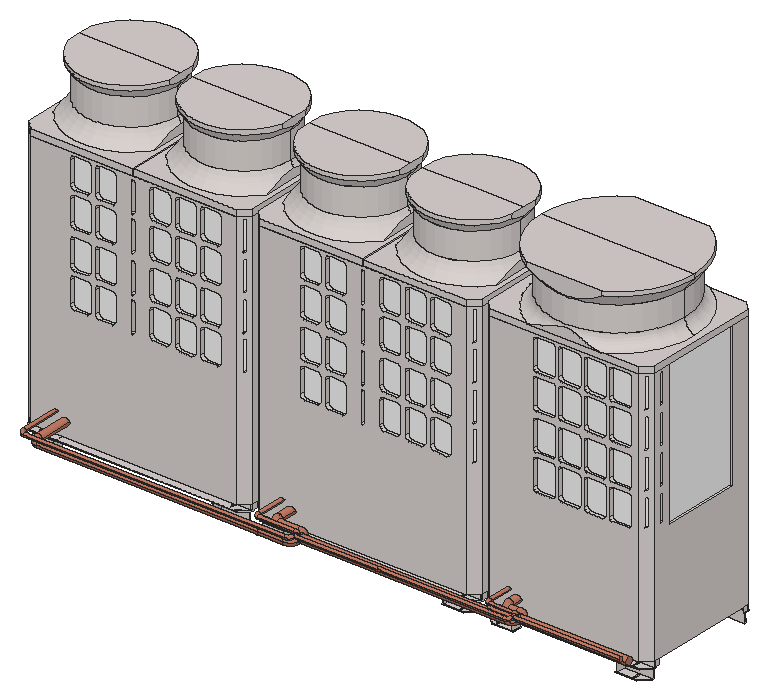
Revit family "PUHY-EP1000YSNW-A", category Mechanical Equipment, Revit 2012 (continued)
Definition of nested family "PUHY-EP350YNW-A"
  Dimensions and locks
    cut or joined group 1 (Extrusion 1, Extrusion 2, Extrusion 3, Extrusion 4, Extrusion 5, Extrusion 6, Extrusion 7, Extrusion 8, Extrusion 9, Extrusion 10, Extrusion 11, Extrusion 12, Extrusion 13, Extrusion 14, Extrusion 15, Extrusion 16, Extrusion 17, Extrusion 18, Extrusion 19, Extrusion 20, Extrusion 21, Extrusion 22, Extrusion 23, Extrusion 24, Extrusion 25, Extrusion 26, Extrusion 27, Extrusion 28, Extrusion 29, Extrusion 30, Extrusion 31, Extrusion 32, Extrusion 33) to plane 3 "Center (Left/Right)" = 620 mm
    Extrusion 1 sketch curve to Extrusion 1 sketch curve = 1240 mm
    cut or joined group 1 to plane 8 = 185 mm
    cut or joined group 1 to plane 7 = 166 mm
    cut or joined group 1 to plane 6 = 110 mm
    cut or joined group 1 to plane 12 to cut or joined group 1 = 805 mm, 621 mm
    plane 5 to plane 2 = 1858 mm  (x2)
    cut or joined group 1 to plane 19 "132" = 132 mm
    cut or joined group 1 to plane 22 = 207 mm
    cut or joined group 1 to plane 23 = 256 mm
    cut or joined group 1 to plane 6 = 60 mm
    cut or joined group 1 to cut or joined group 1 = 42.154 mm
    cut or joined group 1 to cut or joined group 1 = 11.895 mm
    nested 1 to nested 3 to level = 1798 mm, 60 mm
    nested 1 to nested 1 = 303 mm
    nested 1 to nested 3 = 1495 mm
    nested 8 to nested 8 to nested 8 to nested 7 to nested 7 to nested 7 = 54 mm, 20 mm, 592 mm, 20 mm, 54 mm
    nested 3 to nested 3 = 56 mm
    plane 11 to plane 31 to plane 32 to cut or joined group 1 = 90 mm, 1060 mm, 90 mm
    curve 103 to nested 7 = 90 mm
    curve 104 to nested 7 = 125 mm
    curve 101 to nested 7 = 100 mm
    curve 11 to curve 13 to nested 7 = 84 mm, 71 mm
    cut or joined group 1 to curve 12 to curve 14 = 125 mm, 148 mm
    nested 2 to nested 7 = 1495 mm
    curve 87 to cut or joined group 1 = 152 mm
    curve 88 to cut or joined group 1 = 172 mm
    curve 89 to cut or joined group 1 = 216 mm
    cut or joined group 1 to curve 4 to curve 2 = 128 mm, 150 mm
    cut or joined group 1 to curve 1 to curve 3 = 79 mm, 94 mm
    Extrusion 32 sketch curve to nested 7 = 116 mm
    cut or joined group 1 to Extrusion 32 sketch curve = 160 mm
    cut or joined group 1 to Extrusion 33 sketch curve = 243 mm
    Extrusion 33 sketch curve to nested 7 = 116 mm
    cut or joined group 1 to cut or joined group 1 = 740 mm
    plane 30 to plane 4 = 740 mm
    aligned and locked: level to plane 2
    aligned and locked: Extrusion 1 to plane 4
  Nested families
    nested 1: "FAN GUARD" at (-311.5, 2, 860), type "FAN GUARD"
      with WIDTH 870 mm
    nested 2: "FAN GUARD" at (311.5, 2, 860) x (-1, 0, 0) z (0, 0, 1), type "FAN GUARD"
      with WIDTH 870 mm
    nested 3: "ATTACHMENT LEG" at (-524, -349, 0), type "ATTACHMENT LEG"
    nested 4: "ATTACHMENT LEG" at (-524, 349, 0), type "ATTACHMENT LEG"
    nested 5: "ATTACHMENT LEG" at (524, -349, 0) x (-1, 0, 0) z (0, 0, 1), type "ATTACHMENT LEG"
    nested 6: "ATTACHMENT LEG" at (524, 349, 0) x (-1, 0, 0) z (0, 0, 1), type "ATTACHMENT LEG"
    nested 7: "BASE LEG_L_" at (0, -352, 60), type "BASE LEG_L_"
      with Width 1240 mm
    nested 8: "BASE LEG_L_" at (0, 352, 60), type "BASE LEG_L_"
      with Width 1240 mm
  Connectors
    piping at (-460, -191, 176), driven by "Liquid pipe_radius"
      settings: on cut or joined group 1, index 3, connector radius 12.7 mm, flow factor 0, pipe flow 0.0 L/s, pressure drop 0.0 Pa, fitting loss kfactor 0, connector angle 0.00°, fixture units 0, engagement length 0 mm, flow configuration 0, flow direction 0, fitting loss method 0, system type 22, joint type 0, gender type 0, connector reference index -1, connector utility 0, adjustable connector no, is connector primary yes, fitting loss table "", connector description "Refrigerant service valve<Liquid pipe>"
    piping at (-377, -191, 176), driven by "Gas pipe_radius"
      settings: on cut or joined group 1, index 4, connector radius 14.29 mm, flow factor 0, pipe flow 0.0 L/s, pressure drop 0.0 Pa, fitting loss kfactor 0, connector angle 0.00°, fixture units 0, engagement length 0 mm, flow configuration 0, flow direction 0, fitting loss method 0, system type 22, joint type 0, gender type 0, connector reference index -1, connector utility 0, adjustable connector no, is connector primary no, fitting loss table "", connector description "Refrigerant service valve<Gas>"
    electrical at (0, -370, 808)
      settings: on cut or joined group 1, index 5, voltage 0 V, apparent load 0 VA, apparent load phase1 0 VA, apparent load phase2 0 VA, apparent load phase3 0 VA, power factor 1, load classification "HVAC", number of poles 1, system type 30, power factor state 1, is connector primary yes, connector utility no, sub classification motor no, connector description ""
  Definition of nested family "FAN GUARD"
    Parameters (values of type "FAN GUARD")
      WIDTH [instance] = 870 mm
    Reference planes
      plane 1 "中心(正面/背面)": y = -2
      plane 2: z = 0
      plane 3 "ファンガード基準面": z = 661
      plane 4: y = 368
      plane 5: x = 366
      plane 6: x = -375
      plane 7 "ファンガード基準上面": z = 695
      plane 8 "ファンガード上面": z = 998
      plane 9: x = -273.971
      plane 10: x = 308.5
      plane 11: x = -308.5
      plane 12: x = 0
    Forms (mm)
      Extrusion 1, solid, material "Paint_5Y 8/1"
        sketch origin (85, 0, 661) x (-1, 0, 0) y (0, -1, 0)
          loop
            line (343.5, -368) -> (393.5, -318) -> (393.5, 322) -> (343.5, 372) -> (-223.5, 372) -> (-223.5, -368) -> (343.5, -368)
        from 0 to 34
      Revolve 2, solid, material "Paint_5Y 8/1"
        sketch origin (0, -2, 0) x (1, 0, 0) y (0, 0, 1)
          loop
            line (0, 695) -> (0, 998) -> (-290, 998) -> (-290, 972.327) -> (-260, 928.372) -> (-260, 777.384)
            arc (-260, 777.384) -> (-290.651, 730.137) -> (-334.665, 695) r 175.882
            line (-334.665, 695) -> (0, 695)
          axis (0, 998) -> (0, 695)
        angle from 0 to 360
      Extrusion 3, void
        sketch origin (-840, 75, 695) x (-1, 0, 0) y (0, -1, 0)
          loop
            line (-410, -165) -> (-410, 315) -> (-561.253, 315) -> (-561.253, -165) -> (-410, -165)
        from -35 to 430.592
      Extrusion 4, void
        sketch origin (840, 75, 695) x (1, 0, 0) y (0, 1, 0)
          loop
            line (-410, 165) -> (-561.253, 165) -> (-561.253, -315) -> (-410, -315) -> (-410, 165)
        from 0 to 430.592
    Cuts and joins
      Extrusion 3, Extrusion 4 cuts Revolve 2
      Extrusion 4 cuts Extrusion 1
    Lines and regions (mm)
      model lines
        curve 1: line (-278.747, 0, 998) -> (-80, 0, 998)
        curve 2: line (80, 0, 998) -> (278.747, 0, 998)
        curve 3: circle (0, 0, 998) r 80 normal (0, 0, 1)
        curve 4: line (-278.747, -80, 998) -> (278.747, -80, 998)
        curve 5: line (-241.868, -160, 998) -> (241.868, -160, 998)
        curve 6: line (-162.788, -240, 998) -> (162.788, -240, 998)
        curve 7: line (-278.747, 80, 998) -> (278.747, 80, 998)
        curve 8: line (-241.868, 160, 998) -> (240, 160, 998)
        curve 9: line (-160, 240, 998) -> (162.788, 240, 998)
        curve 10: line (0, 290, 998) -> (0, -290, 998)
        curve 11: line (-20, 289.31, 998) -> (-20, -289.31, 998)
        curve 12: line (-40, 287.228, 998) -> (-40, -287.228, 998)
        curve 13: line (-60, 283.725, 998) -> (-60, -283.725, 998)
        curve 14: line (-80, 278.747, 998) -> (-80, -278.747, 998)
        curve 15: line (20, 289.31, 998) -> (20, -289.31, 998)
        curve 16: line (40, 287.228, 998) -> (40, -287.228, 998)
        curve 17: line (60, 283.725, 998) -> (60, -283.725, 998)
        curve 18: line (80, 278.747, 998) -> (80, -278.747, 998)
        curve 19: line (100, 272.213, 998) -> (100, -272.213, 998)
        curve 20: line (120, 264.008, 998) -> (120, -264.008, 998)
        curve 21: line (140, 253.969, 998) -> (140, -253.969, 998)
        curve 22: line (160, 241.868, 998) -> (160, -243.132, 998)
        curve 23: line (180, 227.376, 998) -> (180, -227.624, 998)
        curve 24: line (200, 210, 998) -> (200, -210, 998)
        curve 25: line (220, 188.944, 998) -> (220, -188.944, 998)
        curve 26: line (240, 160, 998) -> (240, -162.788, 998)
        curve 27: line (260, 128.452, 998) -> (260, -128.452, 998)
        curve 28: line (-100, 272.213, 998) -> (-100, -272.213, 998)
        curve 29: line (-120, 264.008, 998) -> (-120, -264.008, 998)
        curve 30: line (-140, 253.969, 998) -> (-140, -253.969, 998)
        curve 31: line (-160, 240, 998) -> (-160, -241.868, 998)
        curve 32: line (-180, 227.376, 998) -> (-180, -227.376, 998)
        curve 33: line (-200, 210, 998) -> (-200, -210, 998)
        curve 34: line (-220, 188.944, 998) -> (-220, -188.944, 998)
        curve 35: line (-240, 162.788, 998) -> (-240, -162.788, 998)
        curve 36: line (-260, 128.452, 998) -> (-260, -128.452, 998)
        curve 37: line (10, 79.373, 998) -> (10, -79.373, 998)
        curve 38: line (-10, 79.373, 998) -> (-10, -79.373, 998)
        curve 39: line (30, 74.162, 998) -> (30, -74.162, 998)
        curve 40: line (50, 62.45, 998) -> (50, -62.45, 998)
        curve 41: line (70, 38.73, 998) -> (70, -38.73, 998)
        curve 42: line (-30, 74.162, 998) -> (-30, -74.162, 998)
        curve 43: line (-50, 62.45, 998) -> (-50, -62.45, 998)
        curve 44: line (-70, 38.73, 998) -> (-70, -38.73, 998)
    Dimensions and locks
      locked: plane 8 "ファンガード上面" to plane 7 "ファンガード基準上面" at 303
      plane 8 "ファンガード上面" to plane 3 "ファンガード基準面" = 337 mm
      Revolve 2 sketch curve to Revolve 2 sketch curve = 290 mm
      Extrusion 1 sketch curve to Extrusion 1 sketch curve = 740 mm
      equal spacing: Extrusion 1 sketch curve, plane 1 "中心(正面/背面)", Extrusion 1 sketch curve
      plane 6 to plane 5 = 741 mm
      Extrusion 1 sketch curve to Extrusion 1 sketch curve = 617 mm
      plane 11 to plane 10 = 617 mm
      cut or joined group of Extrusion 1, Extrusion 4 to cut or joined group of Extrusion 1, Extrusion 4 = 617 mm
      cut or joined group of Extrusion 1, Extrusion 4 to cut or joined group of Extrusion 1, Extrusion 4 = 740 mm
      aligned and locked: level to plane 2
      aligned and locked: plane 7 "ファンガード基準上面" to Extrusion 1
      aligned and locked: plane 3 "ファンガード基準面" to Extrusion 1
      aligned and locked: cut or joined group of Revolve 2, Extrusion 3, Extrusion 4 to plane 8 "ファンガード上面"
  Definition of nested family "ATTACHMENT LEG"
    Parameters (values of type "ATTACHMENT LEG")
      Width = 145 mm
    Reference planes
      plane 1: z = 0
      plane 2 "中心(左/右)": x = -6
      plane 3: x = -52
      plane 4: x = 85
      plane 5: x = 93
      plane 6: y = -21
      plane 7: y = 27
      plane 8: x = -30
      plane 9: y = 39
      plane 10: z = 60
      plane 11: z = 57
      plane 12: z = 3
      plane 13: x = 82
      plane 14: y = 36
      plane 15: x = -75
      plane 16: y = 31
      plane 17 "幅": x = 93
      plane 18: y = 2.5
      plane 19: y = 21
      plane 20: y = -10
    Forms (mm)
      Extrusion 1, solid, material "Paint_5Y 8/1"
        sketch origin (0, -1, 0) x (1, 0, 0) y (0, 1, 0)
          loop
            line (-75, 36) -> (-75, 27) -> (-28, -20) -> (93, -20) -> (93, 32) -> (85, 32) -> (85, 36) -> (-75, 36)
        from 0 to 60
      Extrusion 2, void
        sketch origin (0, -3, 0) x (1, 0, 0) y (0, 0, 1)
          loop
            line (-75, 57) -> (-75, 3) -> (82, 3) -> (82, 57) -> (-75, 57)
          loop
            line (93, 57) -> (85, 57) -> (85, 3) -> (93, 3) -> (93, 57)
        from -35 to 18
      Extrusion 3, void
        sketch origin (-6, 5.5, 0) x (1, 0, 0) y (0, 1, 0)
          loop
            arc (-7, -8.5) -> (0, -15.5) -> (7, -8.5) r 7
            line (7, -8.5) -> (7, 8.5)
            arc (7, 8.5) -> (0, 15.5) -> (-7, 8.5) r 7
            line (-7, 8.5) -> (-7, -8.5)
        from 0 to 60
    Cuts and joins
      Extrusion 2, Extrusion 3 cuts Extrusion 1
    Dimensions and locks
      locked: plane 3 to plane 4 at 137
      locked: plane 3 to plane 5 at 145
      plane 6 to plane 7 = 48 mm
      locked: plane 10 to level at 60
      Extrusion 3 sketch curve to plane 2 "中心(左/右)" = 7 mm
      locked: plane 15 to plane 2 "中心(左/右)" at 69
      locked: plane 15 to plane 8 at 45
      locked: plane 6 to plane 18 at 23.5
      cut or joined group of Extrusion 1, Extrusion 2, Extrusion 3 to cut or joined group of Extrusion 1, Extrusion 2, Extrusion 3 = 168 mm
      cut or joined group of Extrusion 1, Extrusion 2, Extrusion 3 to cut or joined group of Extrusion 1, Extrusion 2, Extrusion 3 = 56 mm  (x2)
      plane 14 to plane 6 = 57 mm
      aligned and locked: level to plane 1
      aligned and locked: Extrusion 1 sketch curve to plane 4
      aligned and locked: Extrusion 1 sketch curve to plane 5
      aligned: plane 8 to Extrusion 1 sketch curve
      aligned and locked: plane 10 to Extrusion 1
      aligned and locked: Extrusion 2 sketch curve to plane 11
      aligned: plane 3 to Extrusion 2 sketch curve
      aligned and locked: plane 12 to Extrusion 2 sketch curve
      aligned and locked: Extrusion 2 sketch curve to plane 13
      aligned and locked: plane 6 to Extrusion 2
      aligned and locked: plane 11 to Extrusion 2 sketch curve
      aligned and locked: plane 5 to Extrusion 2 sketch curve
      aligned and locked: Extrusion 2 sketch curve to plane 12
      aligned and locked: Extrusion 2 sketch curve to plane 4
      aligned and locked: plane 15 to Extrusion 1 sketch curve
      aligned and locked: Extrusion 2 sketch curve to cut or joined group of Extrusion 1, Extrusion 2, Extrusion 3
      aligned and locked: Extrusion 1 to plane 16
  Definition of nested family "BASE LEG_L_"
    Parameters (values of type "BASE LEG_L_")
      Width [instance] = 1240 mm
    Reference planes
      plane 1 "中心(正面/背面)": y = 0
      plane 2: z = 0
      plane 3 "中心(左/右)": x = 0
      plane 4: x = 620
      plane 5: x = -620
      plane 6: x = -530
      plane 7: x = 530
      plane 8: y = -18
      plane 9: y = 39
      plane 10: z = 53
      plane 11: y = 42
      plane 12: y = 27
      plane 13: x = 575
      plane 14: x = -575
      plane 15: z = 8
      plane 16: y = 11.5
      plane 17: z = 35
    Forms (mm)
      Extrusion 1, solid, material "Paint_5Y 8/1"
        sketch origin (0, 0, 0) x (0, 1, 0) y (0, 0, 1)
          loop
            line (-18, 0) -> (36, 0) -> (36, 32) -> (56, 32) -> (56, 35) -> (33, 35) -> (33, 3) -> (-18, 3) -> (-18, 0)
        from -620 to 620
      Extrusion 2, void
        sketch origin (0, 0, 0) x (1, 0, 0) y (0, 1, 0)
          loop
            line (575, -18) -> (620, -18) -> (620, 27) -> (575, -18)
          loop
            line (-575, -18) -> (-620, 27) -> (-620, -18) -> (-575, -18)
        from 0 to 250
      Extrusion 3, void
        sketch origin (0, 12.023, 0) x (1, 0, 0) y (0, 1, 0)
          loop
            arc (523, -2.971) -> (530, -9.971) -> (537, -2.971) r 7
            line (537, -2.971) -> (537, 3.023)
            arc (537, 3.023) -> (530, 10.023) -> (523, 3.023) r 7
            line (523, 3.023) -> (523, -2.971)
          loop
            line (-523, -2.971) -> (-523, 3.023)
            arc (-523, 3.023) -> (-530, 10.023) -> (-537, 3.023) r 7
            line (-537, 3.023) -> (-537, -2.971)
            arc (-537, -2.971) -> (-530, -9.971) -> (-523, -2.971) r 7
        from 0 to 250
      Extrusion 4, solid, material "Paint_5Y 8/1"
        sketch origin (0, 0, -3) x (1, 0, 0) y (0, 0, 1)
          loop
            line (617, 8) -> (620, 8) -> (620, 35) -> (617, 35) -> (617, 8)
          loop
            line (-617, 8) -> (-617, 35) -> (-620, 35) -> (-620, 8) -> (-617, 8)
        from -36 to -56
      Extrusion 5, solid, material "Paint_5Y 8/1"
        sketch origin (150, 352, 0) x (1, 0, 0) y (0, 1, 0)
          loop
            line (460, -319) -> (455, -319) -> (455, -320) -> (405, -370) -> (410, -370) -> (460, -320) -> (460, -319)
        from 3 to 35
      Extrusion 6, void
        sketch origin (560, -18, 0) x (0.707107, 0.707107, 0) y (0, 0, 1)
          loop
            line (70.711, 3) -> (-6.741, 39.767) -> (-6.741, 3) -> (70.711, 3)
        from -190.256 to 23.776
      Extrusion 7, solid, material "Paint_5Y 8/1"
        sketch origin (-150, 352, 0) x (-1, 0, 0) y (0, -1, 0)
          loop
            line (460, 319) -> (460, 320) -> (410, 370) -> (405, 370) -> (455, 320) -> (455, 319) -> (460, 319)
        from 3 to 35
      Extrusion 8, void
        sketch origin (-560, -18, 0) x (0.707107, -0.707107, 0) y (0, 0, -1)
          loop
            line (-70.711, -3) -> (0, -35) -> (6.741, -35) -> (6.741, -3) -> (-70.711, -3)
        from -190.256 to 23.776
    Cuts and joins
      Extrusion 2, Extrusion 3 cuts Extrusion 1
      joined: Extrusion 1, Extrusion 4
      Extrusion 8 cuts Extrusion 7
      Extrusion 6 cuts Extrusion 5
    Dimensions and locks
      "Width": plane 5 to plane 4
      equal spacing: plane 5, plane 3 "中心(左/右)", plane 4
      locked: plane 5 to plane 6 at 90
      locked: plane 7 to plane 4 at 90
      locked: plane 8 to plane 9 at 57
      locked: plane 10 to level at 53
      locked: plane 9 to plane 11 at 3
      plane 8 to plane 12 = 45 mm
      locked: plane 13 to plane 4 at 45
      locked: plane 5 to plane 14 at 45
      equal spacing: Extrusion 3 sketch curve, plane 7, Extrusion 3 sketch curve
      equal spacing: Extrusion 3 sketch curve, plane 6, Extrusion 3 sketch curve
      locked: plane 10 to plane 15 at 45
      locked: cut or joined group of Extrusion 1, Extrusion 2, Extrusion 3, Extrusion 4 to Extrusion 4 sketch curve at 3  (x2)
      locked: plane 8 to plane 16 at 29.5
      plane 8 to plane 11 = 60 mm
      cut or joined group of Extrusion 1, Extrusion 2, Extrusion 3, Extrusion 4 to cut or joined group of Extrusion 1, Extrusion 2, Extrusion 3, Extrusion 4 = 35 mm
      aligned and locked: level to plane 2
      aligned and locked: plane 8 to Extrusion 1 sketch curve
      aligned and locked: plane 4 to Extrusion 1
      aligned and locked: Extrusion 1 to plane 5
      aligned and locked: Extrusion 2 sketch curve to plane 4
      aligned and locked: Extrusion 2 sketch curve to plane 8
      aligned and locked: plane 12 to Extrusion 2 sketch curve
      aligned and locked: plane 13 to Extrusion 2 sketch curve
      aligned and locked: plane 4 to Extrusion 4 sketch curve
      aligned and locked: plane 5 to Extrusion 4 sketch curve
      aligned and locked: cut or joined group of Extrusion 7, Extrusion 8 to cut or joined group of Extrusion 1, Extrusion 2, Extrusion 3, Extrusion 4
    Automatic sketch dimensions
      Extrusion 3 sketch curve to plane 1 "中心(正面/背面)" = 9.052 mm  (x2)
      Extrusion 3 sketch curve to plane 7 = 7 mm
      Extrusion 3 sketch curve to plane 1 "中心(正面/背面)" = 15.046 mm  (x2)
      Extrusion 3 sketch curve to plane 6 = 7 mm
      Extrusion 2 sketch curve to plane 5 = 0 mm
      plane 8 to Extrusion 2 sketch curve = 0 mm
      Extrusion 2 sketch curve to plane 14 = 0 mm
      plane 12 to Extrusion 2 sketch curve = 0 mm
      Extrusion 4 sketch curve to plane 10 = 21 mm
      plane 7 to Extrusion 5 sketch curve = 25 mm
      Extrusion 5 sketch curve to Extrusion 5 sketch curve = 5 mm  (x2)
      plane 7 to Extrusion 5 sketch curve = 75 mm
      plane 8 to Extrusion 5 sketch curve = 0 mm
      Extrusion 5 sketch curve to Extrusion 5 sketch curve = 50 mm
      Extrusion 5 sketch curve to Extrusion 5 sketch curve = 0 mm
      Extrusion 5 sketch curve to Extrusion 5 sketch curve = 1 mm
      Extrusion 6 sketch curve to Extrusion 5 = 0 mm  (x2)
      Extrusion 6 sketch curve to Extrusion 5 = 6.741 mm
      Extrusion 6 sketch curve to Extrusion 5 = 4.767 mm
      plane 6 to Extrusion 7 sketch curve = 25 mm
      Extrusion 7 sketch curve to Extrusion 7 sketch curve = 5 mm  (x2)
      Extrusion 7 sketch curve to Extrusion 7 sketch curve = 45 mm
      Extrusion 7 sketch curve to plane 8 = 0 mm
      Extrusion 7 sketch curve to Extrusion 7 sketch curve = 50 mm
      Extrusion 7 sketch curve to Extrusion 7 sketch curve = 0 mm
      Extrusion 7 sketch curve to Extrusion 7 sketch curve = 1 mm
      Extrusion 8 sketch curve to Extrusion 7 = 0 mm  (x2)
      Extrusion 7 to Extrusion 8 sketch curve = 0 mm  (x2)
      Extrusion 7 to Extrusion 8 sketch curve = 6.741 mm
      Extrusion 4 sketch curve to plane 17 = 3 mm
      Extrusion 4 sketch curve to plane 15 = 3 mm  (x2)
      Extrusion 1 sketch curve to plane 17 = 0 mm
      Extrusion 1 sketch curve to level = 0 mm
      level to Extrusion 1 sketch curve = 3 mm
      plane 9 to Extrusion 1 sketch curve = 6 mm
      plane 9 to Extrusion 1 sketch curve = 3 mm
      Extrusion 1 sketch curve to plane 17 = 3 mm
      Extrusion 1 sketch curve to plane 11 = 14 mm
Definition of nested family "PUHY-EP400YNW-A"
  Parameters (values of type "PUHY-P400YNW-A")
    Model = "PUHY-P400YNW-A"
    URL = "http://www.mitsubishielectric.com/"
    Manufacturer = "Mitsubishi Electric Corporation"
    Liquid pipe_radius = 12.7 mm
    Gas pipe_radius = 14.29 mm
  Reference planes
    plane 1 "Center (Front/Back)": y = 0
    plane 2: z = 0
    plane 3 "Center (Left/Right)": x = 0
    plane 4: y = 370
    plane 5: z = 1858
    plane 6: y = -260
    plane 7: y = -204
    plane 8: y = -185
    plane 9: x = -620
    plane 10: x = 620
    plane 11: x = -620
    plane 12: z = 716
    plane 13: x = -524
    plane 14: z = 669
    plane 15: x = -50.5
    plane 16: x = 51
    plane 17: x = 489
    plane 18: x = 467
    plane 19 "132": x = 488
    plane 20 "100": z = 160
    plane 21: z = 185
    plane 22: x = 413
    plane 23: x = 364
    plane 24: z = 150
    plane 25: x = -287.25
    plane 26: x = -137.25
    plane 27: x = -272.25
    plane 28: y = -278
    plane 29: z = 1509
    plane 30: y = -370
    plane 31: x = -530
    plane 32: x = 530
    plane 33 "179": y = -191
  Forms (mm)
    Extrusion 1, solid, material "Paint_5Y 8/1"
      sketch origin (-1, 0, 113) x (-1, 0, 0) y (0, -1, 0)
        loop
          line (569, -370) -> (619, -320) -> (619, 320) -> (569, 370) -> (-571, 370) -> (-621, 320) -> (-621, -320) -> (-571, -370) -> (569, -370)
      from -18 to 1408
    Extrusion 2, void
      sketch origin (524, -370, 113) x (1, 0, 0) y (0, 0, -1)
        loop
          arc (-60.8, -1393.5) -> (-42.557, -1385.943) -> (-35, -1367.7) r 25.8
          line (-35, -1367.7) -> (-35, -1248.5)
          arc (-35, -1248.5) -> (-42.557, -1230.257) -> (-60.8, -1222.7) r 25.8
          line (-60.8, -1222.7) -> (-126, -1222.7)
          arc (-126, -1222.7) -> (-144.243, -1230.257) -> (-151.8, -1248.5) r 25.8
          line (-151.8, -1248.5) -> (-151.8, -1367.7)
          arc (-151.8, -1367.7) -> (-144.243, -1385.943) -> (-126, -1393.5) r 25.8
          line (-126, -1393.5) -> (-60.8, -1393.5)
      from 0 to 20
    Extrusion 3, void
      sketch origin (524, -370, -81) x (1, 0, 0) y (0, 0, -1)
        loop
          arc (-60.8, -1393.5) -> (-42.557, -1385.943) -> (-35, -1367.7) r 25.8
          line (-35, -1367.7) -> (-35, -1248.5)
          arc (-35, -1248.5) -> (-42.557, -1230.257) -> (-60.8, -1222.7) r 25.8
          line (-60.8, -1222.7) -> (-126, -1222.7)
          arc (-126, -1222.7) -> (-144.243, -1230.257) -> (-151.8, -1248.5) r 25.8
          line (-151.8, -1248.5) -> (-151.8, -1367.7)
          arc (-151.8, -1367.7) -> (-144.243, -1385.943) -> (-126, -1393.5) r 25.8
          line (-126, -1393.5) -> (-60.8, -1393.5)
      from 0 to 20
    Extrusion 4, void
      sketch origin (524, -370, -287) x (1, 0, 0) y (0, 0, -1)
        loop
          arc (-60.8, -1393.5) -> (-42.557, -1385.943) -> (-35, -1367.7) r 25.8
          line (-35, -1367.7) -> (-35, -1248.5)
          arc (-35, -1248.5) -> (-42.557, -1230.257) -> (-60.8, -1222.7) r 25.8
          line (-60.8, -1222.7) -> (-126, -1222.7)
          arc (-126, -1222.7) -> (-144.243, -1230.257) -> (-151.8, -1248.5) r 25.8
          line (-151.8, -1248.5) -> (-151.8, -1367.7)
          arc (-151.8, -1367.7) -> (-144.243, -1385.943) -> (-126, -1393.5) r 25.8
          line (-126, -1393.5) -> (-60.8, -1393.5)
      from 0 to 20
    Extrusion 5, void
      sketch origin (524, -370, -481) x (1, 0, 0) y (0, 0, -1)
        loop
          arc (-60.8, -1393.5) -> (-42.557, -1385.943) -> (-35, -1367.7) r 25.8
          line (-35, -1367.7) -> (-35, -1248.5)
          arc (-35, -1248.5) -> (-42.557, -1230.257) -> (-60.8, -1222.7) r 25.8
          line (-60.8, -1222.7) -> (-126, -1222.7)
          arc (-126, -1222.7) -> (-144.243, -1230.257) -> (-151.8, -1248.5) r 25.8
          line (-151.8, -1248.5) -> (-151.8, -1367.7)
          arc (-151.8, -1367.7) -> (-144.243, -1385.943) -> (-126, -1393.5) r 25.8
          line (-126, -1393.5) -> (-60.8, -1393.5)
      from 0 to 20
    Extrusion 6, void
      sketch origin (384, -370, 113) x (1, 0, 0) y (0, 0, -1)
        loop
          arc (-60.8, -1393.5) -> (-42.557, -1385.943) -> (-35, -1367.7) r 25.8
          line (-35, -1367.7) -> (-35, -1248.5)
          arc (-35, -1248.5) -> (-42.557, -1230.257) -> (-60.8, -1222.7) r 25.8
          line (-60.8, -1222.7) -> (-126, -1222.7)
          arc (-126, -1222.7) -> (-144.243, -1230.257) -> (-151.8, -1248.5) r 25.8
          line (-151.8, -1248.5) -> (-151.8, -1367.7)
          arc (-151.8, -1367.7) -> (-144.243, -1385.943) -> (-126, -1393.5) r 25.8
          line (-126, -1393.5) -> (-60.8, -1393.5)
      from 0 to 20
    Extrusion 7, void
      sketch origin (384, -370, -81) x (1, 0, 0) y (0, 0, -1)
        loop
          arc (-60.8, -1393.5) -> (-42.557, -1385.943) -> (-35, -1367.7) r 25.8
          line (-35, -1367.7) -> (-35, -1248.5)
          arc (-35, -1248.5) -> (-42.557, -1230.257) -> (-60.8, -1222.7) r 25.8
          line (-60.8, -1222.7) -> (-126, -1222.7)
          arc (-126, -1222.7) -> (-144.243, -1230.257) -> (-151.8, -1248.5) r 25.8
          line (-151.8, -1248.5) -> (-151.8, -1367.7)
          arc (-151.8, -1367.7) -> (-144.243, -1385.943) -> (-126, -1393.5) r 25.8
          line (-126, -1393.5) -> (-60.8, -1393.5)
      from 0 to 20
    Extrusion 8, void
      sketch origin (384, -370, -287) x (1, 0, 0) y (0, 0, -1)
        loop
          arc (-60.8, -1393.5) -> (-42.557, -1385.943) -> (-35, -1367.7) r 25.8
          line (-35, -1367.7) -> (-35, -1248.5)
          arc (-35, -1248.5) -> (-42.557, -1230.257) -> (-60.8, -1222.7) r 25.8
          line (-60.8, -1222.7) -> (-126, -1222.7)
          arc (-126, -1222.7) -> (-144.243, -1230.257) -> (-151.8, -1248.5) r 25.8
          line (-151.8, -1248.5) -> (-151.8, -1367.7)
          arc (-151.8, -1367.7) -> (-144.243, -1385.943) -> (-126, -1393.5) r 25.8
          line (-126, -1393.5) -> (-60.8, -1393.5)
      from 0 to 20
    Extrusion 9, void
      sketch origin (384, -370, -481) x (1, 0, 0) y (0, 0, -1)
        loop
          arc (-60.8, -1393.5) -> (-42.557, -1385.943) -> (-35, -1367.7) r 25.8
          line (-35, -1367.7) -> (-35, -1248.5)
          arc (-35, -1248.5) -> (-42.557, -1230.257) -> (-60.8, -1222.7) r 25.8
          line (-60.8, -1222.7) -> (-126, -1222.7)
          arc (-126, -1222.7) -> (-144.243, -1230.257) -> (-151.8, -1248.5) r 25.8
          line (-151.8, -1248.5) -> (-151.8, -1367.7)
          arc (-151.8, -1367.7) -> (-144.243, -1385.943) -> (-126, -1393.5) r 25.8
          line (-126, -1393.5) -> (-60.8, -1393.5)
      from 0 to 20
    Extrusion 10, void
      sketch origin (244, -370, 113) x (1, 0, 0) y (0, 0, -1)
        loop
          arc (-60.8, -1393.5) -> (-42.557, -1385.943) -> (-35, -1367.7) r 25.8
          line (-35, -1367.7) -> (-35, -1248.5)
          arc (-35, -1248.5) -> (-42.557, -1230.257) -> (-60.8, -1222.7) r 25.8
          line (-60.8, -1222.7) -> (-126, -1222.7)
          arc (-126, -1222.7) -> (-144.243, -1230.257) -> (-151.8, -1248.5) r 25.8
          line (-151.8, -1248.5) -> (-151.8, -1367.7)
          arc (-151.8, -1367.7) -> (-144.243, -1385.943) -> (-126, -1393.5) r 25.8
          line (-126, -1393.5) -> (-60.8, -1393.5)
      from 0 to 20
    Extrusion 11, void
      sketch origin (244, -370, -81) x (1, 0, 0) y (0, 0, -1)
        loop
          arc (-60.8, -1393.5) -> (-42.557, -1385.943) -> (-35, -1367.7) r 25.8
          line (-35, -1367.7) -> (-35, -1248.5)
          arc (-35, -1248.5) -> (-42.557, -1230.257) -> (-60.8, -1222.7) r 25.8
          line (-60.8, -1222.7) -> (-126, -1222.7)
          arc (-126, -1222.7) -> (-144.243, -1230.257) -> (-151.8, -1248.5) r 25.8
          line (-151.8, -1248.5) -> (-151.8, -1367.7)
          arc (-151.8, -1367.7) -> (-144.243, -1385.943) -> (-126, -1393.5) r 25.8
          line (-126, -1393.5) -> (-60.8, -1393.5)
      from 0 to 20
    Extrusion 12, void
      sketch origin (244, -370, -287) x (1, 0, 0) y (0, 0, -1)
        loop
          arc (-60.8, -1393.5) -> (-42.557, -1385.943) -> (-35, -1367.7) r 25.8
          line (-35, -1367.7) -> (-35, -1248.5)
          arc (-35, -1248.5) -> (-42.557, -1230.257) -> (-60.8, -1222.7) r 25.8
          line (-60.8, -1222.7) -> (-126, -1222.7)
          arc (-126, -1222.7) -> (-144.243, -1230.257) -> (-151.8, -1248.5) r 25.8
          line (-151.8, -1248.5) -> (-151.8, -1367.7)
          arc (-151.8, -1367.7) -> (-144.243, -1385.943) -> (-126, -1393.5) r 25.8
          line (-126, -1393.5) -> (-60.8, -1393.5)
      from 0 to 20
    Extrusion 13, void
      sketch origin (244, -370, -481) x (1, 0, 0) y (0, 0, -1)
        loop
          arc (-60.8, -1393.5) -> (-42.557, -1385.943) -> (-35, -1367.7) r 25.8
          line (-35, -1367.7) -> (-35, -1248.5)
          arc (-35, -1248.5) -> (-42.557, -1230.257) -> (-60.8, -1222.7) r 25.8
          line (-60.8, -1222.7) -> (-126, -1222.7)
          arc (-126, -1222.7) -> (-144.243, -1230.257) -> (-151.8, -1248.5) r 25.8
          line (-151.8, -1248.5) -> (-151.8, -1367.7)
          arc (-151.8, -1367.7) -> (-144.243, -1385.943) -> (-126, -1393.5) r 25.8
          line (-126, -1393.5) -> (-60.8, -1393.5)
      from 0 to 20
    Extrusion 14, void
      sketch origin (-56, -370, 113) x (1, 0, 0) y (0, 0, -1)
        loop
          arc (-60.8, -1393.5) -> (-42.557, -1385.943) -> (-35, -1367.7) r 25.8
          line (-35, -1367.7) -> (-35, -1248.5)
          arc (-35, -1248.5) -> (-42.557, -1230.257) -> (-60.8, -1222.7) r 25.8
          line (-60.8, -1222.7) -> (-126, -1222.7)
          arc (-126, -1222.7) -> (-144.243, -1230.257) -> (-151.8, -1248.5) r 25.8
          line (-151.8, -1248.5) -> (-151.8, -1367.7)
          arc (-151.8, -1367.7) -> (-144.243, -1385.943) -> (-126, -1393.5) r 25.8
          line (-126, -1393.5) -> (-60.8, -1393.5)
      from 0 to 20
    Extrusion 15, void
      sketch origin (-56, -370, -81) x (1, 0, 0) y (0, 0, -1)
        loop
          arc (-60.8, -1393.5) -> (-42.557, -1385.943) -> (-35, -1367.7) r 25.8
          line (-35, -1367.7) -> (-35, -1248.5)
          arc (-35, -1248.5) -> (-42.557, -1230.257) -> (-60.8, -1222.7) r 25.8
          line (-60.8, -1222.7) -> (-126, -1222.7)
          arc (-126, -1222.7) -> (-144.243, -1230.257) -> (-151.8, -1248.5) r 25.8
          line (-151.8, -1248.5) -> (-151.8, -1367.7)
          arc (-151.8, -1367.7) -> (-144.243, -1385.943) -> (-126, -1393.5) r 25.8
          line (-126, -1393.5) -> (-60.8, -1393.5)
      from 0 to 20
    Extrusion 16, void
      sketch origin (-56, -370, -287) x (1, 0, 0) y (0, 0, -1)
        loop
          arc (-60.8, -1393.5) -> (-42.557, -1385.943) -> (-35, -1367.7) r 25.8
          line (-35, -1367.7) -> (-35, -1248.5)
          arc (-35, -1248.5) -> (-42.557, -1230.257) -> (-60.8, -1222.7) r 25.8
          line (-60.8, -1222.7) -> (-126, -1222.7)
          arc (-126, -1222.7) -> (-144.243, -1230.257) -> (-151.8, -1248.5) r 25.8
          line (-151.8, -1248.5) -> (-151.8, -1367.7)
          arc (-151.8, -1367.7) -> (-144.243, -1385.943) -> (-126, -1393.5) r 25.8
          line (-126, -1393.5) -> (-60.8, -1393.5)
      from 0 to 20
    Extrusion 17, void
      sketch origin (-56, -370, -481) x (1, 0, 0) y (0, 0, -1)
        loop
          arc (-60.8, -1393.5) -> (-42.557, -1385.943) -> (-35, -1367.7) r 25.8
          line (-35, -1367.7) -> (-35, -1248.5)
          arc (-35, -1248.5) -> (-42.557, -1230.257) -> (-60.8, -1222.7) r 25.8
          line (-60.8, -1222.7) -> (-126, -1222.7)
          arc (-126, -1222.7) -> (-144.243, -1230.257) -> (-151.8, -1248.5) r 25.8
          line (-151.8, -1248.5) -> (-151.8, -1367.7)
          arc (-151.8, -1367.7) -> (-144.243, -1385.943) -> (-126, -1393.5) r 25.8
          line (-126, -1393.5) -> (-60.8, -1393.5)
      from 0 to 20
    Extrusion 18, void
      sketch origin (-196, -370, 113) x (1, 0, 0) y (0, 0, -1)
        loop
          arc (-60.8, -1393.5) -> (-42.557, -1385.943) -> (-35, -1367.7) r 25.8
          line (-35, -1367.7) -> (-35, -1248.5)
          arc (-35, -1248.5) -> (-42.557, -1230.257) -> (-60.8, -1222.7) r 25.8
          line (-60.8, -1222.7) -> (-126, -1222.7)
          arc (-126, -1222.7) -> (-144.243, -1230.257) -> (-151.8, -1248.5) r 25.8
          line (-151.8, -1248.5) -> (-151.8, -1367.7)
          arc (-151.8, -1367.7) -> (-144.243, -1385.943) -> (-126, -1393.5) r 25.8
          line (-126, -1393.5) -> (-60.8, -1393.5)
      from 0 to 20
    Extrusion 19, void
      sketch origin (-196, -370, -81) x (1, 0, 0) y (0, 0, -1)
        loop
          arc (-60.8, -1393.5) -> (-42.557, -1385.943) -> (-35, -1367.7) r 25.8
          line (-35, -1367.7) -> (-35, -1248.5)
          arc (-35, -1248.5) -> (-42.557, -1230.257) -> (-60.8, -1222.7) r 25.8
          line (-60.8, -1222.7) -> (-126, -1222.7)
          arc (-126, -1222.7) -> (-144.243, -1230.257) -> (-151.8, -1248.5) r 25.8
          line (-151.8, -1248.5) -> (-151.8, -1367.7)
          arc (-151.8, -1367.7) -> (-144.243, -1385.943) -> (-126, -1393.5) r 25.8
          line (-126, -1393.5) -> (-60.8, -1393.5)
      from 0 to 20
    Extrusion 20, void
      sketch origin (-196, -370, -287) x (1, 0, 0) y (0, 0, -1)
        loop
          arc (-60.8, -1393.5) -> (-42.557, -1385.943) -> (-35, -1367.7) r 25.8
          line (-35, -1367.7) -> (-35, -1248.5)
          arc (-35, -1248.5) -> (-42.557, -1230.257) -> (-60.8, -1222.7) r 25.8
          line (-60.8, -1222.7) -> (-126, -1222.7)
          arc (-126, -1222.7) -> (-144.243, -1230.257) -> (-151.8, -1248.5) r 25.8
          line (-151.8, -1248.5) -> (-151.8, -1367.7)
          arc (-151.8, -1367.7) -> (-144.243, -1385.943) -> (-126, -1393.5) r 25.8
          line (-126, -1393.5) -> (-60.8, -1393.5)
      from 0 to 20
    Extrusion 21, void
      sketch origin (-196, -370, -481) x (1, 0, 0) y (0, 0, -1)
        loop
          arc (-60.8, -1393.5) -> (-42.557, -1385.943) -> (-35, -1367.7) r 25.8
          line (-35, -1367.7) -> (-35, -1248.5)
          arc (-35, -1248.5) -> (-42.557, -1230.257) -> (-60.8, -1222.7) r 25.8
          line (-60.8, -1222.7) -> (-126, -1222.7)
          arc (-126, -1222.7) -> (-144.243, -1230.257) -> (-151.8, -1248.5) r 25.8
          line (-151.8, -1248.5) -> (-151.8, -1367.7)
          arc (-151.8, -1367.7) -> (-144.243, -1385.943) -> (-126, -1393.5) r 25.8
          line (-126, -1393.5) -> (-60.8, -1393.5)
      from 0 to 20
    Extrusion 22, void
      sketch origin (620, 320, 113) x (0, 1, 0) y (0, 0, -1)
        loop
          line (-462.3, -1408) -> (-50.8, -1408) -> (-50.8, -612) -> (-462.3, -612) -> (-462.3, -1408)
      from 0 to 20
    Extrusion 23, void
      sketch origin (-620, -320, 113) x (0, -1, 0) y (0, 0, -1)
        loop
          line (-535.7, -1408) -> (-207.7, -1408) -> (-207.7, -592) -> (-535.7, -592) -> (-535.7, -1408)
      from 0 to 20
    Extrusion 24, void
      sketch origin (194.892, 370, 113) x (-1, 0, 0) y (0, 0, -1)
        loop
          arc (204.892, -1225.013) -> (194.892, -1215.013) -> (184.892, -1225.013) r 10
          line (184.892, -1225.013) -> (184.892, -1379.987)
          arc (184.892, -1379.987) -> (194.892, -1389.987) -> (204.892, -1379.987) r 10
          line (204.892, -1379.987) -> (204.892, -1225.013)
        loop
          arc (204.892, -1031.013) -> (194.892, -1021.013) -> (184.892, -1031.013) r 10
          line (184.892, -1031.013) -> (184.892, -1185.987)
          arc (184.892, -1185.987) -> (194.892, -1195.987) -> (204.892, -1185.987) r 10
          line (204.892, -1185.987) -> (204.892, -1031.013)
        loop
          arc (204.892, -825.013) -> (194.892, -815.013) -> (184.892, -825.013) r 10
          line (184.892, -825.013) -> (184.892, -979.987)
          arc (184.892, -979.987) -> (194.892, -989.987) -> (204.892, -979.987) r 10
          line (204.892, -979.987) -> (204.892, -825.013)
        loop
          arc (204.892, -631.013) -> (194.892, -621.013) -> (184.892, -631.013) r 10
          line (184.892, -631.013) -> (184.892, -785.987)
          arc (184.892, -785.987) -> (194.892, -795.987) -> (204.892, -785.987) r 10
          line (204.892, -785.987) -> (204.892, -631.013)
      from 0 to 20
    Extrusion 25, void
      sketch origin (-570, 370, 113) x (0.707107, 0.707107, 0) y (0, 0, 1)
        loop
          arc (-45.355, 1236) -> (-35.355, 1226) -> (-25.355, 1236) r 10
          line (-25.355, 1236) -> (-25.355, 1386)
          arc (-25.355, 1386) -> (-35.355, 1396) -> (-45.355, 1386) r 10
          line (-45.355, 1386) -> (-45.355, 1236)
        loop
          arc (-45.355, 1036) -> (-35.355, 1026) -> (-25.355, 1036) r 10
          line (-25.355, 1036) -> (-25.355, 1186)
          arc (-25.355, 1186) -> (-35.355, 1196) -> (-45.355, 1186) r 10
          line (-45.355, 1186) -> (-45.355, 1036)
        loop
          arc (-45.355, 836) -> (-35.355, 826) -> (-25.355, 836) r 10
          line (-25.355, 836) -> (-25.355, 986)
          arc (-25.355, 986) -> (-35.355, 996) -> (-45.355, 986) r 10
          line (-45.355, 986) -> (-45.355, 836)
        loop
          arc (-45.355, 641) -> (-35.355, 631) -> (-25.355, 641) r 10
          line (-25.355, 641) -> (-25.355, 791)
          arc (-25.355, 791) -> (-35.355, 801) -> (-45.355, 791) r 10
          line (-45.355, 791) -> (-45.355, 641)
      from 0 to 20
    Extrusion 26, void
      sketch origin (-620, -320, 113) x (0, -1, 0) y (0, 0, -1)
        loop
          line (-607.846, -1035.895) -> (-607.846, -1186.105)
          arc (-607.846, -1186.105) -> (-597.846, -1196.105) -> (-587.846, -1186.105) r 10
          line (-587.846, -1186.105) -> (-587.846, -1035.895)
          arc (-587.846, -1035.895) -> (-597.846, -1025.895) -> (-607.846, -1035.895) r 10
        loop
          line (-607.846, -835.895) -> (-607.846, -986.105)
          arc (-607.846, -986.105) -> (-597.846, -996.105) -> (-587.846, -986.105) r 10
          line (-587.846, -986.105) -> (-587.846, -835.895)
          arc (-587.846, -835.895) -> (-597.846, -825.895) -> (-607.846, -835.895) r 10
        loop
          line (-607.846, -1235.895) -> (-607.846, -1386.105)
          arc (-607.846, -1386.105) -> (-597.846, -1396.105) -> (-587.846, -1386.105) r 10
          line (-587.846, -1386.105) -> (-587.846, -1235.895)
          arc (-587.846, -1235.895) -> (-597.846, -1225.895) -> (-607.846, -1235.895) r 10
        loop
          line (-607.846, -635.895) -> (-607.846, -786.105)
          arc (-607.846, -786.105) -> (-597.846, -796.105) -> (-587.846, -786.105) r 10
          line (-587.846, -786.105) -> (-587.846, -635.895)
          arc (-587.846, -635.895) -> (-597.846, -625.895) -> (-607.846, -635.895) r 10
      from 0 to 20
    Extrusion 27, void
      sketch origin (1079, -370, 113) x (1, 0, 0) y (0, 0, -1)
        loop
          arc (-1089, -1379.975) -> (-1079, -1389.975) -> (-1069, -1379.975) r 10
          line (-1069, -1379.975) -> (-1069, -1225)
          arc (-1069, -1225) -> (-1079, -1215) -> (-1089, -1225) r 10
          line (-1089, -1225) -> (-1089, -1379.975)
        loop
          arc (-1089, -1185.975) -> (-1079, -1195.975) -> (-1069, -1185.975) r 10
          line (-1069, -1185.975) -> (-1069, -1031)
          arc (-1069, -1031) -> (-1079, -1021) -> (-1089, -1031) r 10
          line (-1089, -1031) -> (-1089, -1185.975)
        loop
          arc (-1089, -979.975) -> (-1079, -989.975) -> (-1069, -979.975) r 10
          line (-1069, -979.975) -> (-1069, -825)
          arc (-1069, -825) -> (-1079, -815) -> (-1089, -825) r 10
          line (-1089, -825) -> (-1089, -979.975)
        loop
          arc (-1089, -785.975) -> (-1079, -795.975) -> (-1069, -785.975) r 10
          line (-1069, -785.975) -> (-1069, -631)
          arc (-1069, -631) -> (-1079, -621) -> (-1089, -631) r 10
          line (-1089, -631) -> (-1089, -785.975)
      from 0 to 20
    Extrusion 28, void
      sketch origin (-571, 370, 113) x (-1, 0, 0) y (0, 0, -1)
        loop
          line (-519.5, -1408) -> (-48, -1408) -> (-48, -556) -> (-519.5, -556) -> (-519.5, -1408)
      from 0 to 20
    Extrusion 29, void
      sketch origin (-571, 370, 113) x (-1, 0, 0) y (0, 0, -1)
        loop
          line (-1038, -1408) -> (-622, -1408) -> (-622, -556) -> (-1038, -556) -> (-1038, -1408)
      from 0 to 20
    Extrusion 30, void
      sketch origin (620, 320, 113) x (0, 1, 0) y (0, 0, -1)
        loop
          arc (-588, -1035.791) -> (-598, -1025.791) -> (-608, -1035.791) r 10
          line (-608, -1035.791) -> (-608, -1186)
          arc (-608, -1186) -> (-598, -1196) -> (-588, -1186) r 10
          line (-588, -1186) -> (-588, -1035.791)
        loop
          arc (-588, -835.791) -> (-598, -825.791) -> (-608, -835.791) r 10
          line (-608, -835.791) -> (-608, -986)
          arc (-608, -986) -> (-598, -996) -> (-588, -986) r 10
          line (-588, -986) -> (-588, -835.791)
        loop
          arc (-588, -1235.791) -> (-598, -1225.791) -> (-608, -1235.791) r 10
          line (-608, -1235.791) -> (-608, -1386)
          arc (-608, -1386) -> (-598, -1396) -> (-588, -1386) r 10
          line (-588, -1386) -> (-588, -1235.791)
        loop
          arc (-588, -635.791) -> (-598, -625.791) -> (-608, -635.791) r 10
          line (-608, -635.791) -> (-608, -786)
          arc (-608, -786) -> (-598, -796) -> (-588, -786) r 10
          line (-588, -786) -> (-588, -635.791)
      from 0 to 20
    Extrusion 31, void
      sketch origin (1291.751, 351.751, 113) x (0.707107, 0.707107, 0) y (0, 0, -1)
        loop
          line (-995.311, -1236) -> (-995.311, -1386)
          arc (-995.311, -1386) -> (-985.311, -1396) -> (-975.311, -1386) r 10
          line (-975.311, -1386) -> (-975.311, -1236)
          arc (-975.311, -1236) -> (-985.311, -1226) -> (-995.311, -1236) r 10
        loop
          line (-995.311, -1036) -> (-995.311, -1186)
          arc (-995.311, -1186) -> (-985.311, -1196) -> (-975.311, -1186) r 10
          line (-975.311, -1186) -> (-975.311, -1036)
          arc (-975.311, -1036) -> (-985.311, -1026) -> (-995.311, -1036) r 10
        loop
          line (-995.311, -836) -> (-995.311, -986)
          arc (-995.311, -986) -> (-985.311, -996) -> (-975.311, -986) r 10
          line (-975.311, -986) -> (-975.311, -836)
          arc (-975.311, -836) -> (-985.311, -826) -> (-995.311, -836) r 10
        loop
          line (-995.311, -641) -> (-995.311, -791)
          arc (-995.311, -791) -> (-985.311, -801) -> (-975.311, -791) r 10
          line (-975.311, -791) -> (-975.311, -641)
          arc (-975.311, -641) -> (-985.311, -631) -> (-995.311, -641) r 10
      from 0 to 20
    Extrusion 32, void
      sketch origin (0, -191, 0) x (-1, 0, 0) y (0, 0, 1)
        loop
          circle (460, 176) r 6.35
      from 0 to 78.7
    Extrusion 33, void
      sketch origin (0, -191, 0) x (-1, 0, 0) y (0, 0, 1)
        loop
          circle (377, 176) r 14.29
      from 0 to 78.7
  Cuts and joins
    Extrusion 2, Extrusion 3, Extrusion 4, Extrusion 5, Extrusion 6, Extrusion 7, Extrusion 8, Extrusion 9, Extrusion 10, Extrusion 11, Extrusion 12, Extrusion 13, Extrusion 14, Extrusion 15, Extrusion 16, Extrusion 17, Extrusion 18, Extrusion 19, Extrusion 20, Extrusion 21, Extrusion 22, Extrusion 23, Extrusion 24, Extrusion 25, Extrusion 26, Extrusion 27, Extrusion 28, Extrusion 29, Extrusion 30, Extrusion 31, Extrusion 32, Extrusion 33 cuts Extrusion 1
  Lines and regions (mm)
    model lines
      curve 1: line (-351, -291, 95) -> (-481, -291, 95)
      curve 2: line (-342, -206, 95) -> (-342, -282, 95)
      curve 3: line (-481, -197, 95) -> (-351, -197, 95)
      curve 4: line (-492, -280, 95) -> (-492, -208, 95)
      curve 5: arc (-492, -280, 95) -> (-488.778, -287.778, 95) -> (-481, -291, 95) r 11
      curve 6: arc (-351, -291, 95) -> (-344.636, -288.364, 95) -> (-342, -282, 95) r 9
      curve 7: arc (-342, -206, 95) -> (-344.636, -199.636, 95) -> (-351, -197, 95) r 9
      curve 8: arc (-481, -197, 95) -> (-488.778, -200.222, 95) -> (-492, -208, 95) r 11
      curve 9: line (-30, -370, 1521) -> (-30, -370, 95)
      curve 10: line (30, -370, 1521) -> (30, -370, 95)
      curve 11: line (-485, -370, 215) -> (-357, -370, 215)
